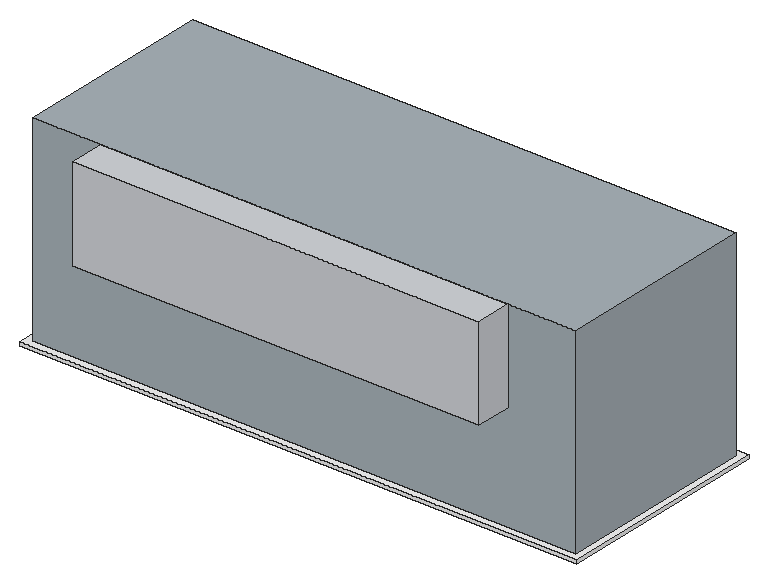
Revit family "QCF1300", category Mechanical Equipment, Revit 2016
Family settings
  Part Type = Normal
  Round Connector Dimension = Use Diameter
  OmniClass Number = 23.75.70.21.24.11
  OmniClass Title = Constant Volume Air Terminal Units
  Work Plane-Based = Yes
  Always vertical = Yes
  Cut with Voids When Loaded = No
  Shared = No
  Room Calculation Point = No
Parameters (values of type "QCF1300")
  CFM@0.10" S.P. [instance] = 1130 CFM
  Frequency [instance] = 60 Hz
  Watt [instance] = 293 W
  Volts_AC [instance] = 120 VA
  Default Elevation = 6' - 0"
  CFM = "SP 0/CFM 1265 - SP 0.10/CFM 1130 - SP 0.30/CFM 845"
  C. DEPTH [instance] = 0' - 2 1/2"
  A [instance] = 3' - 2"
  E [instance] = 0' - 6 1/2"
  URL = "http://www.reversomatic.com/product/qcf-1300/"
  RPM [instance] = 23.361 m³
  D [instance] = 2' - 4 1/2"
  Model = "QCF1300"
  Manufacturer = "REVERSOMATIC"
  C [instance] = 1' - 2"
  B [instance] = 1' - 2"
  Description = "CEILING OR IN-LINE TWIN BLOWER FANS"
  F [instance] = 1' - 3"
  G [instance] = 3' - 3"
  Amps [instance] = 3.2 A
Reference planes (in)
  plane 1 "Center (Front/Back)": y = 0
  plane 2: z = 0
  plane 3 "Center (Left/Right)": x = 0
  plane 4: z = 14
  plane 5: y = 7
  plane 6: y = -7
  plane 7: x = 19
  plane 8: x = -19
  plane 9: y = 7.5
  plane 10: x = 19.5
  plane 11: y = -7.5
  plane 12: x = -19.5
  plane 13: x = -14.25
  plane 14: x = 14.25
  plane 15: z = 6.5
Forms (in)
  Extrusion 1, solid, material "Default New Material"
    sketch origin (0, 0, 0) x (1, 0, 0) y (0, 1, 0)
      loop
        line (-19, 7) -> (-19, -7) -> (19, -7) -> (19, 7) -> (-19, 7)
    from 0 to 14
  Extrusion 2, solid, material "Default"
    sketch origin (0, 0, 0) x (0, 1, 0) y (1, 0, 0)
      loop
        line (-7.5, 19.5) -> (-7.5, -19.5) -> (7.5, -19.5) -> (7.5, 19.5) -> (-7.5, 19.5)
    from 0 to 0.24475
  Extrusion 3, solid
    sketch origin (19, -7, 7.5) x (-1, 0, 0) y (0, 0, -1)
      loop
        line (33.25, 0) -> (4.75, 0) -> (4.75, -6.5) -> (33.25, -6.5) -> (33.25, 0)
    from 0 to 2.5
Lines and regions (in)
  model lines, not visible
    curve 1: line (-9.88226, 2.47827, 0.12972) -> (-9.88226, -5.27173, 0.12972)
    curve 2: line (-9.39339, 1.7977, 0.08881) -> (-9.39339, -4.7023, 0.08881)
    curve 3: line (-8.82749, 1.22023, 0.04145) -> (-8.82749, -4.02977, 0.04145)
    curve 4: line (-8.31817, 0.7005, -0.00117) -> (-8.31817, -3.5495, -0.00117)
Dimensions and locks (in)
  "C": plane 4 to level
  equal spacing: plane 8, plane 3 "Center (Left/Right)", plane 7
  "A": plane 8 to plane 7
  equal spacing: plane 5, plane 1 "Center (Front/Back)", plane 6
  "B": plane 5 to plane 6
  equal spacing: plane 12, plane 3 "Center (Left/Right)", plane 10
  "G": plane 12 to plane 10
  equal spacing: plane 9, plane 1 "Center (Front/Back)", plane 11
  "F": plane 9 to plane 11
  equal spacing: plane 13, plane 3 "Center (Left/Right)", plane 14
  "D": plane 13 to plane 14
  "E": plane 15 to level
  connector elem to plane 13 = 1' - 2 1/4"
  "C. DEPTH": plane 6 to Extrusion 3
  aligned and locked: plane 2 to level
  aligned and locked: Extrusion 1 to plane 4
  aligned and locked: Extrusion 1 to plane 7
  aligned and locked: Extrusion 1 to plane 5
  aligned and locked: plane 8 to Extrusion 1
  aligned and locked: Extrusion 1 to plane 6
  aligned and locked: Extrusion 2 to plane 9
  aligned and locked: plane 10 to Extrusion 2
  aligned and locked: Extrusion 2 to plane 11
  aligned and locked: plane 12 to Extrusion 2
  aligned and locked: Extrusion 3 to plane 13
  aligned and locked: plane 14 to Extrusion 3
Automatic sketch dimensions
  Extrusion 1 sketch curve to plane 3 "Center (Left/Right)" = 1' - 7"
  plane 3 "Center (Left/Right)" to Extrusion 1 sketch curve = 1' - 7"
  plane 1 "Center (Front/Back)" to Extrusion 1 sketch curve = 0' - 7"
  Extrusion 1 sketch curve to plane 1 "Center (Front/Back)" = 0' - 7"
  plane 1 "Center (Front/Back)" to Extrusion 2 sketch curve = 0' - 7 1/2"
  Extrusion 2 sketch curve to plane 1 "Center (Front/Back)" = 0' - 7 1/2"
  plane 3 "Center (Left/Right)" to Extrusion 2 sketch curve = 1' - 7 1/2"
  Extrusion 2 sketch curve to plane 3 "Center (Left/Right)" = 1' - 7 1/2"
  Extrusion 3 sketch curve to Extrusion 1 = 0' - 4 3/4"
  Extrusion 1 to Extrusion 3 sketch curve = 0' - 4 3/4"
  Extrusion 1 to Extrusion 3 sketch curve = 1' - 2"
  Extrusion 1 to Extrusion 3 sketch curve = 0' - 6 1/2"
Connectors (in)
  hvac at (0, -9.5, 10.75), driven by "E", driven by "D", driven by "CFM@0.10" S.P."
    settings: on Extrusion 3, index 1, duct flow 1130 CFM, flow factor 0, pres drop 0.00 in-wg, loss coef 0, conn angle 0.00°, conn width 28 1/2", conn height 6 1/2", conn diameter 24", duct sys type 1, conn prof type 1, flow config 0, flow direction 2, loss method 0, conn ref index -1, conn util no, is conn primary yes, conn desc ""
